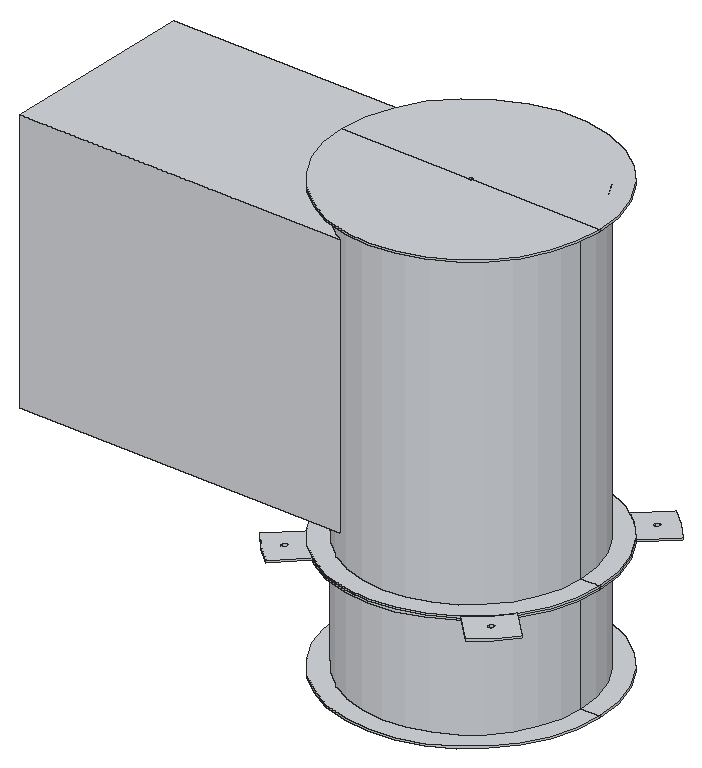
Revit family "AFBV-H_Downblast_Floor_Mount", category Mechanical Equipment, Revit 2019
Family settings
  Round Connector Dimension = Use Radius
  Part Type = Normal
  Work Plane-Based = No
  Always vertical = Yes
  Cut with Voids When Loaded = No
  Shared = No
  Room Calculation Point = No
Parameters (values of type "14_AFBV-H_DOWNBLAST_FLOOR")
  VANE = 0' - 8"
  Unit Weight [instance] = ""
  ModelID [instance] = ""
  L/2 = L / 2  # 0' - 7 3/32"
  L = 1' - 2 3/16"
  K/2 = K / 2  # 0' - 0 3/16"
  K = 0' - 0 3/8"
  J/2 = J / 2  # 0' - 10 1/32"
  Accessories [instance] = ""
  45 = 45.00°  # constant formula
  (L-1")/2 = (L - 0' 1") / 2  # 0' - 6 19/32"
  (J+(J-A))/2 = (J + ((J - A) / 2)) / 2  # 0' - 11 21/64"
  J = 1' - 8 1/16"
  CENTER = 0' - 0"  # constant formula
  H-(A/2) = H - (A / 2)  # 1' - 6 3/16"
  H+J = H + CENTER  # 2' - 1 5/8"
  H = 2' - 1 5/8"
  Sones [instance] = ""
  Motor RPM [instance] = ""
  Motor Enclosure [instance] = ""
  LwA [instance] = ""
  G = 6' - 0"
  Fan RPM [instance] = ""
  F/2 = F / 2  # 0' - 0 5/32"
  F = 0' - 0 5/16"
  E/2 = E / 2  # 0' - 11"
  E-2" = E - 0' 2"  # 1' - 8"
  E = 1' - 10"
  C/2+J = C / 2 + CENTER  # 0' - 8 5/16"
  C/2 = C / 2  # 0' - 8 5/16"
  C = 1' - 4 5/8"
  B/2 = B / 2  # 0' - 8 27/32"
  B = 1' - 5 11/16"
  A/3 = A / 2.5  # 0' - 5.95"
  A/2 = A / 2  # 0' - 7 7/16"
  A = 1' - 2 7/8"
  60 = 60.00°  # constant formula
  30 = 30.00°  # constant formula
  3" = 0' - 3"  # constant formula
  Brake Hp [instance] = ""
  4" = 0' - 4"  # constant formula
  2' = 2' - 0"
  2" = 0' - 2"  # constant formula
  1" = 0' - 1"  # constant formula
  0 = 0' - 0"  # constant formula
  Voltage [instance] = 0 V
  URL = "www.lorencook.com"
  Type Comments = "Tube Axial Fan Downblast Floor Mount High Temperature Construction Belt Drive Arrangement 9"  # constant formula
  Static Pressure [instance] = 0.00 in-wg
  Power [instance] = Voltage * Motor FLA * sqrt(if(Phase = 3, 3, 1))  # 0 VA
  Phase [instance] = 0
  Number of Poles [instance] = 1
  Motor Hp [instance] = "0"
  Motor FLA [instance] = 0 A
  Model = "AFBV-H"  # constant formula
  Manufacturer = "Loren Cook Company"
  CFM [instance] = 0 CFM
  1.5 = 0' - 1 1/2"  # constant formula
  ONE EIGTH = 0' - 0 1/8"  # constant formula
  -E/2 = -E / 2  # -0' - 11"
  -(E-.25")/2 = -(E - 0' 0 1/4") / 2  # -0' - 10 7/8"
  (K/2)-((J-A-.25")/2) = (K / 2) - ((J - A - 0' 0 1/4") / 2)  # -0' - 2 9/32"
  (J-A-.25") = (J - A - 0' 0 1/4")  # 0' - 4 15/16"
  (H-(A/2))/2 = (H - (A / 2)) / 2  # 0' - 9 3/32"
  (E-.25")/2 = (E - 0' 0 1/4") / 2  # 0' - 10 7/8"
  (A+.25")/2 = (A + 0' 0 1/4") / 2  # 0' - 7 9/16"
Types (10): name | VANE | L/2 | L | K/2 | K | J/2 | (L-1")/2 | (J+(J-A))/2 | J | H-(A/2) | H+J | H | F/2 | F | E/2 | E-2" | E | C/2+J | C/2 | C | B/2 | B | A/3 | A/2 | A | -E/2 | -(E-.25")/2 | (K/2)-((J-A-.25")/2) | (J-A-.25") | (H-(A/2))/2 | (E-.25")/2 | (A+.25")/2
  (no name) | 0' - 8" | 0' - 7 3/32" | 1' - 2 3/16" | 0' - 0 3/16" | 0' - 0 3/8" | 0' - 10 1/32" | 0' - 6 19/32" | 0' - 11 21/64" | 1' - 8 1/16" | 1' - 6 3/16" | 2' - 1 5/8" | 2' - 1 5/8" | 0' - 0 5/32" | 0' - 0 5/16" | 0' - 11" | 1' - 8" | 1' - 10" | 0' - 8 5/16" | 0' - 8 5/16" | 1' - 4 5/8" | 0' - 8 27/32" | 1' - 5 11/16" | 0' - 5.95" | 0' - 7 7/16" | 1' - 2 7/8" | -0' - 11" | -0' - 10 7/8" | -0' - 2 9/32" | 0' - 4 15/16" | 0' - 9 3/32" | 0' - 10 7/8" | 0' - 7 9/16"
  12_AFBV-H_DOWNBLAST_FLOOR | 0' - 6" | 0' - 6 3/8" | 1' - 0 3/4" | 0' - 0 3/16" | 0' - 0 3/8" | 0' - 9 1/32" | 0' - 5 7/8" | 0' - 10 21/64" | 1' - 6 1/16" | 1' - 6 3/16" | 2' - 0 5/8" | 2' - 0 5/8" | 0' - 0 5/32" | 0' - 0 5/16" | 0' - 11" | 1' - 8" | 1' - 10" | 0' - 7 5/16" | 0' - 7 5/16" | 1' - 2 5/8" | 0' - 7 13/16" | 1' - 3 5/8" | 0' - 5.15" | 0' - 6 7/16" | 1' - 0 7/8" | -0' - 11" | -0' - 10 7/8" | -0' - 2 9/32" | 0' - 4 15/16" | 0' - 9 3/32" | 0' - 10 7/8" | 0' - 6 9/16"
  16_AFBV-H_DOWNBLAST_FLOOR | 0' - 10" | 0' - 7 13/16" | 1' - 3 5/8" | 0' - 0 3/16" | 0' - 0 3/8" | 0' - 11 1/32" | 0' - 7 5/16" | 1' - 0 21/64" | 1' - 10 1/16" | 1' - 9 11/16" | 2' - 6 1/8" | 2' - 6 1/8" | 0' - 0 5/32" | 0' - 0 5/16" | 1' - 0 1/2" | 1' - 11" | 2' - 1" | 0' - 9 5/16" | 0' - 9 5/16" | 1' - 6 5/8" | 0' - 9 13/16" | 1' - 7 5/8" | 0' - 6 3/4" | 0' - 8 7/16" | 1' - 4 7/8" | -1' - 0 1/2" | -1' - 0 3/8" | -0' - 2 9/32" | 0' - 4 15/16" | 0' - 10 27/32" | 1' - 0 3/8" | 0' - 8 9/16"
  18_AFBV-H_DOWNBLAST_FLOOR | 0' - 11" | 0' - 8 1/2" | 1' - 5" | 0' - 0 3/16" | 0' - 0 3/8" | 1' - 0 1/32" | 0' - 8" | 1' - 1 21/64" | 2' - 0 1/16" | 1' - 9 11/16" | 2' - 7 1/8" | 2' - 7 1/8" | 0' - 0 5/32" | 0' - 0 5/16" | 1' - 0 1/2" | 1' - 11" | 2' - 1" | 0' - 10 5/16" | 0' - 10 5/16" | 1' - 8 5/8" | 0' - 10 13/16" | 1' - 9 5/8" | 0' - 7.55" | 0' - 9 7/16" | 1' - 6 7/8" | -1' - 0 1/2" | -1' - 0 3/8" | -0' - 2 9/32" | 0' - 4 15/16" | 0' - 10 27/32" | 1' - 0 3/8" | 0' - 9 9/16"
  24_AFBV-H_DOWNBLAST_FLOOR | 1' - 1" | 0' - 10 7/8" | 1' - 9 3/4" | 0' - 0 3/16" | 0' - 0 3/8" | 1' - 3 13/32" | 0' - 10 3/8" | 1' - 4 57/64" | 2' - 6 13/16" | 2' - 3 7/16" | 3' - 3 7/8" | 3' - 3 7/8" | 0' - 0 7/32" | 0' - 0 7/16" | 1' - 3 1/2" | 2' - 5" | 2' - 7" | 1' - 1 7/16" | 1' - 1 7/16" | 2' - 2 7/8" | 1' - 2 9/16" | 2' - 5 1/8" | 0' - 9.95" | 1' - 0 7/16" | 2' - 0 7/8" | -1' - 3 1/2" | -1' - 3 3/8" | -0' - 2 21/32" | 0' - 5 11/16" | 1' - 1 23/32" | 1' - 3 3/8" | 1' - 0 9/16"
  28_AFBV-H_DOWNBLAST_FLOOR | 1' - 1" | 1' - 0 5/16" | 2' - 0 5/8" | 0' - 0 3/16" | 0' - 0 3/8" | 1' - 5 13/32" | 0' - 11 13/16" | 1' - 6 57/64" | 2' - 10 13/16" | 2' - 3 7/16" | 3' - 5 7/8" | 3' - 5 7/8" | 0' - 0 7/32" | 0' - 0 7/16" | 1' - 3 1/2" | 2' - 5" | 2' - 7" | 1' - 3 7/16" | 1' - 3 7/16" | 2' - 6 7/8" | 1' - 4 9/16" | 2' - 9 1/8" | 0' - 11.55" | 1' - 2 7/16" | 2' - 4 7/8" | -1' - 3 1/2" | -1' - 3 3/8" | -0' - 2 21/32" | 0' - 5 11/16" | 1' - 1 23/32" | 1' - 3 3/8" | 1' - 2 9/16"
  32_AFBV-H_DOWNBLAST_FLOOR | 1' - 3" | 1' - 2 1/8" | 2' - 4 1/4" | 0' - 0 7/32" | 0' - 0 7/16" | 1' - 7 31/32" | 1' - 1 5/8" | 1' - 9 45/64" | 3' - 3 15/16" | 2' - 4 3/4" | 3' - 9 1/4" | 3' - 9 1/4" | 0' - 0 7/32" | 0' - 0 7/16" | 1' - 5" | 2' - 8" | 2' - 10" | 1' - 5 1/2" | 1' - 5 1/2" | 2' - 11" | 1' - 6 5/8" | 3' - 1 1/4" | 1' - 1.2" | 1' - 4 1/2" | 2' - 9" | -1' - 5" | -1' - 4 7/8" | -0' - 3 1/8" | 0' - 6 11/16" | 1' - 2 3/8" | 1' - 4 7/8" | 1' - 4 5/8"
  36_AFBV-H_DOWNBLAST_FLOOR | 1' - 4" | 1' - 3 17/32" | 2' - 7 1/16" | 0' - 0 7/32" | 0' - 0 7/16" | 1' - 9 31/32" | 1' - 3 1/32" | 1' - 11 45/64" | 3' - 7 15/16" | 2' - 4 3/4" | 3' - 11 1/4" | 3' - 11 1/4" | 0' - 0 7/32" | 0' - 0 7/16" | 1' - 5" | 2' - 8" | 2' - 10" | 1' - 7 1/2" | 1' - 7 1/2" | 3' - 3" | 1' - 8 11/16" | 3' - 5 3/8" | 1' - 2.8" | 1' - 6 1/2" | 3' - 1" | -1' - 5" | -1' - 4 7/8" | -0' - 3 1/8" | 0' - 6 11/16" | 1' - 2 3/8" | 1' - 4 7/8" | 1' - 6 5/8"
  14_AFBV-H_DOWNBLAST_FLOOR | 0' - 8" | 0' - 7 3/32" | 1' - 2 3/16" | 0' - 0 3/16" | 0' - 0 3/8" | 0' - 10 1/32" | 0' - 6 19/32" | 0' - 11 21/64" | 1' - 8 1/16" | 1' - 6 3/16" | 2' - 1 5/8" | 2' - 1 5/8" | 0' - 0 5/32" | 0' - 0 5/16" | 0' - 11" | 1' - 8" | 1' - 10" | 0' - 8 5/16" | 0' - 8 5/16" | 1' - 4 5/8" | 0' - 8 27/32" | 1' - 5 11/16" | 0' - 5.95" | 0' - 7 7/16" | 1' - 2 7/8" | -0' - 11" | -0' - 10 7/8" | -0' - 2 9/32" | 0' - 4 15/16" | 0' - 9 3/32" | 0' - 10 7/8" | 0' - 7 9/16"
  20_AFBV-H_DOWNBLAST_FLOOR | 1' - 0" | 0' - 9 5/16" | 1' - 6 5/8" | 0' - 0 3/16" | 0' - 0 3/8" | 1' - 1 5/32" | 0' - 8 13/16" | 1' - 2 33/64" | 2' - 2 5/16" | 1' - 9 11/16" | 2' - 8 1/8" | 2' - 8 1/8" | 0' - 0 5/32" | 0' - 0 5/16" | 1' - 3 1/2" | 2' - 5" | 2' - 7" | 0' - 11 3/16" | 0' - 11 3/16" | 1' - 10 3/8" | 0' - 11 27/32" | 1' - 11 11/16" | 0' - 8.35" | 0' - 10 7/16" | 1' - 8 7/8" | -1' - 3 1/2" | -1' - 3 3/8" | -0' - 2 13/32" | 0' - 5 3/16" | 0' - 10 27/32" | 1' - 3 3/8" | 0' - 10 9/16"
Reference planes (in)
  plane 1 "Center (Front/Back)": y = 0
  plane 2: z = 0
  plane 3 "Center (Left/Right)": x = 0.40541
Forms (in)
  Revolve 1, solid
    sketch origin (0, 0, 0) x (1, 0, 0) y (0, 0, 1)
      loop
        line (0.40541, -11) -> (9.24916, -11) -> (9.24916, -10.875) -> (7.96791, -10.875) -> (7.96791, 10.875) -> (9.24916, 10.875) -> (9.24916, 11) -> (0.40541, 11) -> (0.40541, -11)
      axis (0.40541, -11) -> (0.40541, 11)
    angle from 0 to 360
  Extrusion 2, solid
    sketch origin (0.40541, 0, 10.875) x (1, 0, 0) y (0, -1, 0)
      loop
        arc (-3.70322, -6.59375) -> (-7.5625, 0) -> (-3.70322, 6.59375) r 7.5625
        line (-3.70322, 6.59375) -> (-25.625, 6.59375) -> (-25.625, -6.59375) -> (-3.70322, -6.59375)
    from 20 <- "E-2"" to 2
  Extrusion 3, void
    sketch origin (0, 0, 0) x (1, 0, 0) y (0, 1, 0)
      loop
        circle (0.40541, 0) r 0.125
    from -11 <- "-E/2" to 11 <- "E/2"
  Extrusion 4, solid
    sketch origin (0.40541, 0, -10.875) x (1, 0, 0) y (0, 1, 0)
      loop
        arc (-6.879, 9.00032) -> (-8.01019, 8.01019) -> (-9.00032, 6.879) r 11.32812
        line (-9.00032, 6.879) -> (-7.22353, 5.10221)
        arc (-7.22353, 5.10221) -> (-6.25348, 6.25348) -> (-5.10221, 7.22353) r 8.84375
        line (-5.10221, 7.22353) -> (-6.879, 9.00032)
      loop
        arc (6.879, -9.00032) -> (8.01019, -8.01019) -> (9.00032, -6.879) r 11.32812
        line (9.00032, -6.879) -> (7.22353, -5.10221)
        arc (7.22353, -5.10221) -> (6.25348, -6.25348) -> (5.10221, -7.22353) r 8.84375
        line (5.10221, -7.22353) -> (6.879, -9.00032)
      loop
        arc (-9.00032, -6.879) -> (-8.01019, -8.01019) -> (-6.879, -9.00032) r 11.32812
        line (-6.879, -9.00032) -> (-5.10221, -7.22353)
        arc (-5.10221, -7.22353) -> (-6.25348, -6.25348) -> (-7.22353, -5.10221) r 8.84375
        line (-7.22353, -5.10221) -> (-9.00032, -6.879)
      loop
        arc (9.00032, 6.879) -> (8.01019, 8.01019) -> (6.879, 9.00032) r 11.32812
        line (6.879, 9.00032) -> (5.10221, 7.22353)
        arc (5.10221, 7.22353) -> (6.25348, 6.25348) -> (7.22353, 5.10221) r 8.84375
        line (7.22353, 5.10221) -> (9.00032, 6.879)
    from 0 to -0.125
  Extrusion 5, void
    sketch origin (0, 0, 0) x (1, 0, 0) y (0, 1, 0)
      loop
        circle (7.49916, 7.09375) r 0.1875
      loop
        circle (-6.68834, 7.09375) r 0.1875
      loop
        circle (-6.68834, -7.09375) r 0.1875
      loop
        circle (7.49916, -7.09375) r 0.1875
    from 11 <- "E/2" to -11 <- "-E/2"
  Revolve 6, solid
    sketch origin (0, 0, 0) x (1, 0, 0) y (0, 0, 1)
      loop
        line (7.84291, -11) -> (7.84291, -19) -> (9.24916, -19) -> (9.24916, -18.875) -> (7.96791, -18.875) -> (7.96791, -11.125) -> (9.24916, -11.125) -> (9.24916, -11) -> (7.84291, -11)
      axis (0.40541, -19) -> (0.40541, -11)
    angle from 0 to 360
Cuts and joins
  Extrusion 3, Extrusion 5 cuts Revolve 1
  Extrusion 3, Extrusion 5 cuts Extrusion 2
  Extrusion 5 cuts Extrusion 4
Dimensions and locks (in)
  "0": Revolve 1 sketch curve to plane 3 "Center (Left/Right)"  (x2)
  "(A+.25")/2": Revolve 1 sketch curve to plane 3 "Center (Left/Right)"
  "B/2": Revolve 1 sketch curve to plane 3 "Center (Left/Right)"  (x2)
  "ONE EIGTH": Revolve 1 sketch curve to Revolve 1 sketch curve  (x2)
  "E": Revolve 1 sketch curve to Revolve 1 sketch curve
  "E/2": level to Revolve 1 sketch curve
  "H": Extrusion 2 sketch curve to plane 3 "Center (Left/Right)"
  "(L-1")/2": Extrusion 2 sketch curve to plane 1 "Center (Front/Back)"  (x2)
  "0": Extrusion 2 sketch curve to plane 3 "Center (Left/Right)"
  "0": Extrusion 2 sketch curve to plane 1 "Center (Front/Back)"
  "0": Extrusion 3 sketch curve to plane 3 "Center (Left/Right)"
  "0": plane 1 "Center (Front/Back)" to Extrusion 3 sketch curve
  "0": Extrusion 4 sketch curve to plane 3 "Center (Left/Right)"  (x8)
  "0": Extrusion 4 sketch curve to plane 1 "Center (Front/Back)"  (x8)
  "1.5": plane 3 "Center (Left/Right)" to Extrusion 4 sketch curve  (x3)
  "3"": Extrusion 4 sketch curve to Extrusion 4 sketch curve  (x4)
  "1.5": Extrusion 4 sketch curve to plane 3 "Center (Left/Right)"
  "L/2": plane 3 "Center (Left/Right)" to Extrusion 5 sketch curve  (x4)
  "L/2": plane 1 "Center (Front/Back)" to Extrusion 5 sketch curve  (x4)
  "0": Revolve 6 sketch curve to plane 3 "Center (Left/Right)"
  "VANE": Revolve 6 sketch curve to Revolve 6 sketch curve
  "0": cut or joined group of Extrusion 4, Extrusion 5 to Revolve 6 sketch curve
  "ONE EIGTH": Revolve 6 sketch curve to Revolve 6 sketch curve  (x3)
  "B/2": Revolve 6 sketch curve to Revolve 6 sketch curve  (x2)
  "(A+.25")/2": Revolve 6 sketch curve to Revolve 6 sketch curve
  "(A+.25")/2": radius of Extrusion 2 sketch curve
  "ONE EIGTH": radius of Extrusion 3 sketch curve
  "(J+(J-A))/2": radius of Extrusion 4 sketch curve  (x4)
  "B/2": radius of Extrusion 4 sketch curve  (x4)
  "K/2": radius of Extrusion 5 sketch curve  (x4)
  "45": angle Extrusion 4 sketch curve to plane 3 "Center (Left/Right)"
  "45": angle Extrusion 4 sketch curve to plane 1 "Center (Front/Back)"  (x2)
  "45": angle plane 1 "Center (Front/Back)" to Extrusion 4 sketch curve
Automatic sketch dimensions
  Revolve 1 sketch curve to Revolve 1 sketch curve = 0' - 0"
  Revolve 1 sketch curve to Revolve 1 sketch curve = 1' - 6"
  Extrusion 2 sketch curve to Extrusion 2 sketch curve = 0' - 0"
  Revolve 6 sketch curve to Revolve 6 sketch curve = 1' - 3"
  Revolve 6 sketch curve to level = 1' - 2.45683"
Connectors (in)
  electrical at (-14.2587, -6.59375, -0.125)
    settings: on Extrusion 2, index 1, voltage 0 V, apparent load 0 VA, apparent load phase1 0 VA, apparent load phase2 0 VA, apparent load phase3 0 VA, power factor 1, load classification "Other", number of poles 1, system type 30, power factor state 1, is connector primary yes, connector utility no, sub classification motor no, connector description ""
  hvac at (0.40541, 0, 10.875), driven by "A/2"
    settings: on Revolve 1, index 2, duct flow 0 CFM, flow factor 0, pres drop 0.00 in-wg, loss coef 0, conn angle 0.00°, conn width 12", conn height 12", conn diameter 14 7/8", duct sys type 29, conn prof type 0, flow config 0, flow direction 1, loss method 0, conn ref index -1, conn util no, is conn primary yes, conn desc ""
  hvac at (0.40541, 0, -19), driven by "A/2"
    settings: on Revolve 6, index 3, duct flow 0 CFM, flow factor 0, pres drop 0.00 in-wg, loss coef 0, conn angle 0.00°, conn width 12", conn height 12", conn diameter 14 7/8", duct sys type 29, conn prof type 0, flow config 0, flow direction 2, loss method 0, conn ref index -1, conn util no, is conn primary no, conn desc ""
